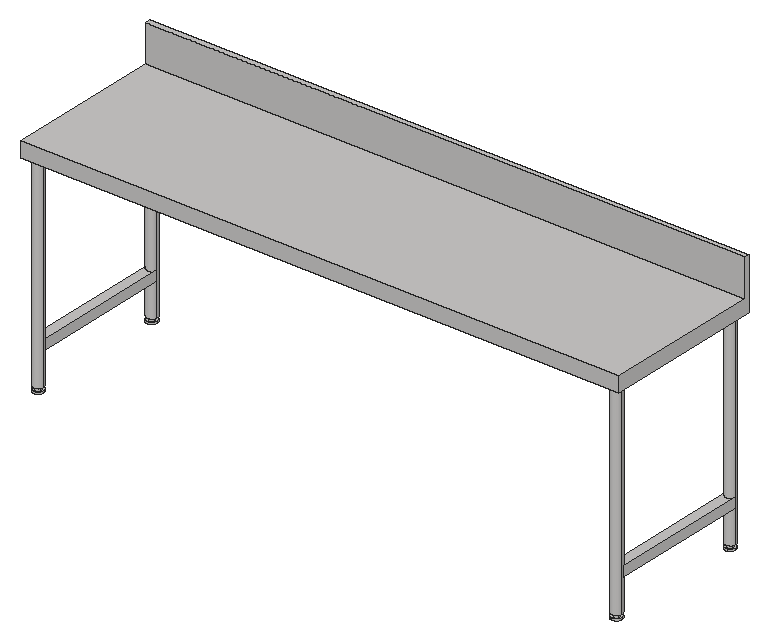
Revit family
Parameters (values of type "2400 X 650")
  URL = "http://www.autospec.co.za/browse.php?id=1644179283"
  Product Code = "None"
  OmniClass Title = ""
  OmniClass Number = ""
  Modspec Classification = ""
  Specification = ""
  Material = Stainless Steel Grade 304
  Location (revit room) = ""
  Description = ""
  Default Elevation = 0 mm
  Colour = none
  Body Finish = none
  Splashback Height = 150 mm
  Width = 650 mm
  Model = "Wall Benches Series W-2400 X 650"
  Manufacturer = "Kwikot"  # constant formula
  Length = 2400 mm
  Height = 1050 mm
  Assembly Code = "E1090300"
Reference planes
  plane 1 "Center (Front/Back)": y = 0
  plane 2 "Bottom": z = 0
  plane 3 "Center (Left/Right)": x = 0
  plane 4 "Left": x = -1200
  plane 5 "Right": x = 1200
  plane 6 "Front": y = -650
  plane 7 "Top": z = 1050
  plane 8: z = 900
  plane 9: z = 840
Forms (mm)
  Extrusion 1, solid, material "Stainless Steel Grade 304" <- "Material"
    sketch origin (-1200, -491, 4000) x (0, -1, 0) y (0, 0, 1)
      loop
        line (-491, -3160) -> (159, -3160) -> (159, -3100) -> (-471, -3100) -> (-471, -2950) -> (-491, -2950) -> (-491, -3160)
    from 0 to -2400
  Extrusion 2, solid, material "Stainless Steel Grade 304" <- "Material"
    sketch origin (0, 0, 0) x (1, 0, 0) y (0, 1, 0)
      loop
        circle (-1160, -610) r 21
      loop
        circle (-1160, -40) r 21
      loop
        circle (1160, -610) r 21
      loop
        circle (1160, -40) r 21
    from 0 to 5
  Extrusion 3, solid, material "Stainless Steel Grade 304" <- "Material"
    sketch origin (0, 0, 0) x (1, 0, 0) y (0, 1, 0)
      loop
        circle (-1160, -40) r 10
      loop
        circle (-1160, -610) r 10
      loop
        circle (1160, -610) r 10
      loop
        circle (1160, -40) r 10
    from 5 to 20
  Extrusion 4, solid, material "Stainless Steel Grade 304" <- "Material"
    sketch origin (-779.234, -1524, 840) x (-1, 0, 0) y (0, -1, 0)
      loop
        circle (380.766, -1484) r 21
      loop
        circle (-1939.234, -1484) r 21
      loop
        circle (-1939.234, -914) r 21
      loop
        circle (380.766, -914) r 21
    from 0 to -820
  Extrusion 5, solid, material "Stainless Steel Grade 304" <- "Material"
    sketch origin (0, 0, 0) x (1, 0, 0) y (0, 1, 0)
      loop
        line (-1181, -40) -> (-1181, -610)
        arc (-1181, -610) -> (-1160, -589) -> (-1139, -610) r 21
        line (-1139, -610) -> (-1139, -40)
        arc (-1139, -40) -> (-1160, -61) -> (-1181, -40) r 21
      loop
        line (1139, -40) -> (1139, -610)
        arc (1139, -610) -> (1160, -589) -> (1181, -610) r 21
        line (1181, -610) -> (1181, -40)
        arc (1181, -40) -> (1160, -61) -> (1139, -40) r 21
    from 150 to 190
Lines and regions (mm)
  symbolic lines
    curve 1: line (-1200, 0, 750) -> (-1200, -650, 750)
    curve 2: line (1200, 0, 750) -> (-1200, 0, 750)
    curve 3: line (1200, -650, 750) -> (1200, 0, 750)
    curve 4: line (-1200, -650, 750) -> (1200, -650, 750)
    curve 5: line (-1200, -20, 750) -> (1200, -20, 750)
Dimensions and locks
  equal spacing: plane 4 "Left", plane 3 "Center (Left/Right)", plane 5 "Right"
  "Length": plane 4 "Left" to plane 5 "Right"
  "Width": plane 1 "Center (Front/Back)" to plane 6 "Front"
  "Height": plane 7 "Top" to level
  "Splashback Height": plane 7 "Top" to plane 8
  plane 8 to plane 9 = 60 mm
  plane 4 "Left" to Extrusion 2 sketch curve = 40 mm  (x2)
  Extrusion 2 sketch curve to plane 6 "Front" = 40 mm  (x2)
  Extrusion 2 sketch curve to plane 1 "Center (Front/Back)" = 40 mm  (x2)
  Extrusion 2 sketch curve to plane 5 "Right" = 40 mm  (x2)
  Extrusion 5 to plane 2 "Bottom" = 150 mm
  radius of Extrusion 2 sketch curve = 21 mm  (x4)
  aligned and locked: level to plane 2 "Bottom"
  aligned and locked: Extrusion 1 sketch curve to plane 9
  aligned and locked: Extrusion 1 sketch curve to plane 1 "Center (Front/Back)"
  aligned and locked: plane 8 to Extrusion 1 sketch curve
  aligned and locked: Extrusion 1 sketch curve to plane 6 "Front"
  aligned and locked: plane 7 "Top" to Extrusion 1 sketch curve
  aligned and locked: plane 4 "Left" to Extrusion 1
  aligned and locked: Extrusion 1 to plane 5 "Right"
  aligned and locked: Extrusion 4 sketch curve to Extrusion 2  (x8)
  aligned and locked: Extrusion 4 to Extrusion 3
  aligned and locked: Extrusion 5 sketch curve to Extrusion 4  (x4)
Automatic sketch dimensions
  plane 1 "Center (Front/Back)" to Extrusion 1 sketch curve = 20 mm
  plane 1 "Center (Front/Back)" to curve 2 = 0 mm
  curve 2 to plane 5 "Right" = 0 mm
  curve 1 to plane 4 "Left" = 0 mm
  curve 1 to plane 6 "Front" = 0 mm
  curve 1 to curve 5 = 20 mm
  Extrusion 3 sketch curve to plane 4 "Left" = 30 mm  (x2)
  Extrusion 3 sketch curve to Extrusion 3 sketch curve = 10 mm  (x4)
  plane 5 "Right" to Extrusion 3 sketch curve = 50 mm  (x2)
  plane 6 "Front" to Extrusion 3 sketch curve = 40 mm  (x2)
  plane 1 "Center (Front/Back)" to Extrusion 3 sketch curve = 40 mm  (x2)
  Extrusion 5 sketch curve to Extrusion 5 sketch curve = 0 mm
